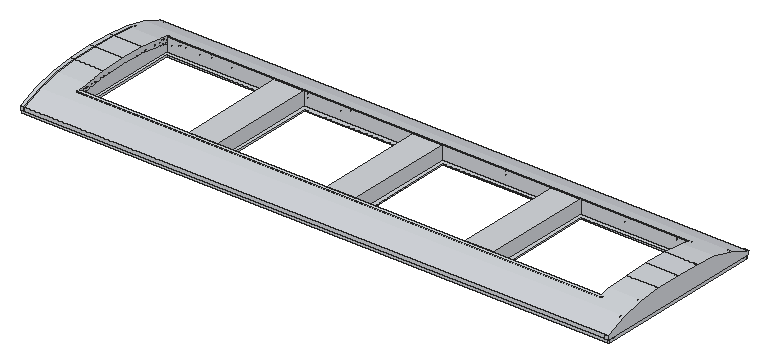
Revit family "Gira_021406", category Electrical Fixtures, host Face, Revit 2017
Family settings
  Host = Face
  Maintain Annotation Orientation = No
  Round Connector Dimension = Use Diameter
  Part Type = Normal
  Cut with Voids When Loaded = No
  Shared = No
  Room Calculation Point = No
Parameters (values of type "Cov.fr. 4-g interm.fr. AN Gira Event c.alum.")
  With mounting grid = "No"
  With hinged lid = "No"
  URL = "http://katalog.gira.de/en/datenblatt.html?artikelnr=021406"
  Type of fastening = "Clamp mounting"
  Transparent = "No"
  Surface protection = "Other"
  Suitable for wall duct = "No"
  Suitable for flush-mounted installation = "Yes"
  Suitable for floor box = "No"
  Suitable for built-in installation = "No"
  Number of units vertical = "4"
  Number of units horizontal = "4"
  Number of units = "4"
  Name = "Cov.fr. 4-g interm.fr. AN Gira Event c.alum."
  Mounting direction = "Horizontal and vertical"
  Material quality = "Thermoplastic"
  Material = "Plastic"
  Manufacturer URL = "https://www.gira.de/"
  Manufacturer = "Gira"
  Label space/information surface = "No"
  Keynote = ""
  HeinzeBIM = "https://bimportal.heinze.de/bim/cov-fr-4-g-interm-fr-an-gira-event-c-alum-/45fdf298d8409a4a245acd259fc9618c84d7e026"
  Halogen free = "Yes"
  HAN = "021406"
  GTIN = "4010337214069"
  Description = "Cov.fr.4g i.fr.AN Event CAl,Gira Event frames,colour aluminium with anthracite intermediate frame,4-gang,Features:,- Shatter-proof."
  Degree of protection (IP) = "IP20"
  Default Elevation = 1219.2 mm
  Data sheet (1) = "https://katalog.gira.de/en/download.html?artikelnr=021406"
  Colour = "Aluminium"
  Category = "Cover frame for domestic switching devices"
  BIM (1) = "https://media.stage.bim.site/public/gira/36a6b08/Event_Rahmen_4fach.rfa"
  Available = "No"
Reference planes
  plane 1 "Center (Front/Back)": y = 0
  plane 2: z = 0
  plane 3 "Center (Left/Right)": x = 0
Forms (mm)
  Extrusion 1, solid, detail levels fine
    sketch origin (0, 0, 0.05) x (0, 1, 0) y (0, 0, 1)
      loop
        arc (12.445, 9.683) -> (6.223, 9.833) -> (0, 9.85) r 291.636
        arc (0, 9.85) -> (-6.223, 9.833) -> (-12.445, 9.683) r 291.636
        arc (-12.445, 9.683) -> (-29.14, 7.482) -> (-45, 1.823) r 79.728
        line (-45, 1.823) -> (-45, -0.05) -> (-42.086, -0.05)
        arc (-42.086, -0.05) -> (-21.385, 5.559) -> (0, 7.206) r 114.424
        arc (0, 7.206) -> (21.385, 5.559) -> (42.086, -0.05) r 114.424
        line (42.086, -0.05) -> (45, -0.05) -> (45, 1.823)
        arc (45, 1.823) -> (29.14, 7.482) -> (12.445, 9.683) r 79.728
    from -151.95 to 151.935
  Extrusion 2, void, detail levels fine
    sketch origin (0, 0, 0) x (1, 0, 0) y (0, 1, 0)
      loop
        line (134.95, 28.035) -> (-134.95, 28.035) -> (-134.95, -28.035) -> (134.95, -28.035) -> (134.95, 28.035)
    from 0.724 to 11
  Extrusion 3, solid, detail levels coarse
    sketch origin (0, 0, 0) x (1, 0, 0) y (0, 1, 0)
      loop
        line (-151.95, 45) -> (-151.95, -45) -> (151.935, -45) -> (151.935, 45) -> (-151.95, 45)
    from -1.5 to 9.9
  Extrusion 4, solid, detail levels medium
    sketch origin (0, 0, 0.05) x (0, 1, 0) y (0, 0, 1)
      loop
        arc (12.445, 9.683) -> (6.223, 9.833) -> (0, 9.85) r 291.636
        arc (0, 9.85) -> (-6.223, 9.833) -> (-12.445, 9.683) r 291.636
        arc (-12.445, 9.683) -> (-29.14, 7.482) -> (-45, 1.823) r 79.728
        line (-45, 1.823) -> (-45, -0.05) -> (45, -0.05) -> (45, 1.823)
        arc (45, 1.823) -> (29.14, 7.482) -> (12.445, 9.683) r 79.728
    from -151.95 to 151.935
  Extrusion 5, solid, detail levels fine
    sketch origin (-106.95, 0, -1.5) x (0, 1, 0) y (0, 0, -1)
      loop
        line (45, -3.373) -> (45, -1.5) -> (-45, -1.5) -> (-45, -3.373)
        arc (-45, -3.373) -> (-29.14, -9.032) -> (-12.445, -11.233) r 79.728
        arc (-12.445, -11.233) -> (-6.223, -11.383) -> (0, -11.4) r 291.636
        arc (0, -11.4) -> (6.223, -11.383) -> (12.445, -11.233) r 291.636
        arc (12.445, -11.233) -> (29.14, -9.032) -> (45, -3.373) r 79.728
    from 43 to 45
  Extrusion 6, solid, detail levels fine
    sketch origin (0, 0, 0) x (1, 0, 0) y (0, 1, 0)
      loop
        line (-132.85, 25.7) -> (-132.85, -25.7) -> (-81.05, -25.7) -> (-81.05, 25.7) -> (-132.85, 25.7)
      loop
        line (-9.755, -25.7) -> (-9.755, 25.7) -> (-61.555, 25.7) -> (-61.555, -25.7) -> (-9.755, -25.7)
      loop
        line (-135.845, 28.49) -> (-135.845, -28.495)
        spline (-135.845, -28.495) -> (-135.836, -28.625) -> (-135.811, -28.754) -> (-135.769, -28.878) -> (-135.711, -28.995) -> (-135.638, -29.104) -> (-135.552, -29.202) -> (-135.454, -29.288) -> (-135.345, -29.361) -> (-135.228, -29.419) -> (-135.104, -29.461) -> (-134.975, -29.486) -> (-134.845, -29.495)
        line (-134.845, -29.495) -> (134.845, -29.495)
        spline (134.845, -29.495) -> (134.975, -29.486) -> (135.104, -29.461) -> (135.228, -29.419) -> (135.345, -29.361) -> (135.454, -29.288) -> (135.552, -29.202) -> (135.638, -29.104) -> (135.711, -28.995) -> (135.769, -28.878) -> (135.811, -28.754) -> (135.836, -28.625) -> (135.845, -28.495)
        line (135.845, -28.495) -> (135.845, 28.49)
        spline (135.845, 28.49) -> (135.836, 28.62) -> (135.811, 28.748) -> (135.769, 28.872) -> (135.711, 28.99) -> (135.638, 29.098) -> (135.552, 29.197) -> (135.454, 29.283) -> (135.345, 29.356) -> (135.228, 29.413) -> (135.104, 29.456) -> (134.975, 29.481) -> (134.845, 29.49)
        line (134.845, 29.49) -> (-134.845, 29.49)
        spline (-134.845, 29.49) -> (-134.975, 29.481) -> (-135.104, 29.456) -> (-135.228, 29.413) -> (-135.345, 29.356) -> (-135.454, 29.283) -> (-135.552, 29.197) -> (-135.638, 29.098) -> (-135.711, 28.99) -> (-135.769, 28.872) -> (-135.811, 28.748) -> (-135.836, 28.62) -> (-135.845, 28.49)
      loop
        line (61.545, -25.7) -> (61.545, 25.7) -> (9.745, 25.7) -> (9.745, -25.7) -> (61.545, -25.7)
      loop
        line (132.85, -25.7) -> (132.85, 25.7) -> (81.05, 25.7) -> (81.05, -25.7) -> (132.85, -25.7)
    from 0.1 to 7.3
  Extrusion 7, solid
    sketch origin (0, 0, 0) x (1, 0, 0) y (0, 1, 0)
      loop
        arc (-151.65, -44.218) -> (-151.504, -44.572) -> (-151.15, -44.718) r 0.5
        line (-151.15, -44.718) -> (151.15, -44.718)
        arc (151.15, -44.718) -> (151.504, -44.572) -> (151.65, -44.218) r 0.5
        line (151.65, -44.218) -> (151.65, 44.182)
        arc (151.65, 44.182) -> (151.504, 44.535) -> (151.15, 44.682) r 0.5
        line (151.15, 44.682) -> (-151.15, 44.682)
        arc (-151.15, 44.682) -> (-151.504, 44.535) -> (-151.65, 44.182) r 0.5
        line (-151.65, 44.182) -> (-151.65, -44.218)
      loop
        line (-149.95, 42.982) -> (-149.95, -43.018) -> (149.95, -43.018) -> (149.95, 42.982) -> (-149.95, 42.982)
    from -1.5 to 0.5
  Extrusion 8, solid, detail levels fine
    sketch origin (106.935, 0, -1.5) x (0, 1, 0) y (0, 0, 1)
      loop
        arc (45, 3.373) -> (29.14, 9.032) -> (12.445, 11.233) r 79.728
        arc (12.445, 11.233) -> (6.223, 11.383) -> (0, 11.4) r 291.636
        arc (0, 11.4) -> (-6.223, 11.383) -> (-12.445, 11.233) r 291.636
        arc (-12.445, 11.233) -> (-29.14, 9.032) -> (-45, 3.373) r 79.728
        line (-45, 3.373) -> (-45, 1.5) -> (45, 1.5) -> (45, 3.373)
    from 43 to 45
  Extrusion 9, solid, detail levels medium
    sketch origin (0, 0, 0) x (1, 0, 0) y (0, 1, 0)
      loop
        line (-151.65, -44.718) -> (151.65, -44.718) -> (151.65, 44.682) -> (-151.65, 44.682) -> (-151.65, -44.718)
    from -1.5 to 0.5
  Extrusion 10, solid, detail levels fine
    sketch origin (-69.857, 0, 0) x (1, 0, 0) y (0, 1, 0)
      loop
        line (-8.943, 28.063) -> (-8.943, -27.937) -> (6.057, -27.937) -> (6.057, 28.063) -> (-8.943, 28.063)
    from 0.724 to 7.566
  Extrusion 11, solid, detail levels fine
    sketch origin (-1.443, 0, 0) x (-1, 0, 0) y (0, -1, 0)
      loop
        line (-8.943, -28.063) -> (6.057, -28.063) -> (6.057, 27.937) -> (-8.943, 27.937) -> (-8.943, -28.063)
    from 0.724 to 7.566
  Extrusion 12, solid, detail levels fine
    sketch origin (69.857, 0, 0) x (-1, 0, 0) y (0, -1, 0)
      loop
        line (-8.943, -28.063) -> (6.057, -28.063) -> (6.057, 27.937) -> (-8.943, 27.937) -> (-8.943, -28.063)
    from 0.724 to 7.566
Cuts and joins
  Extrusion 2 cuts Extrusion 1
  Extrusion 2 cuts Extrusion 6
Dimensions and locks
  aligned and locked: plane 2 to host face
  aligned and locked: level to host face
